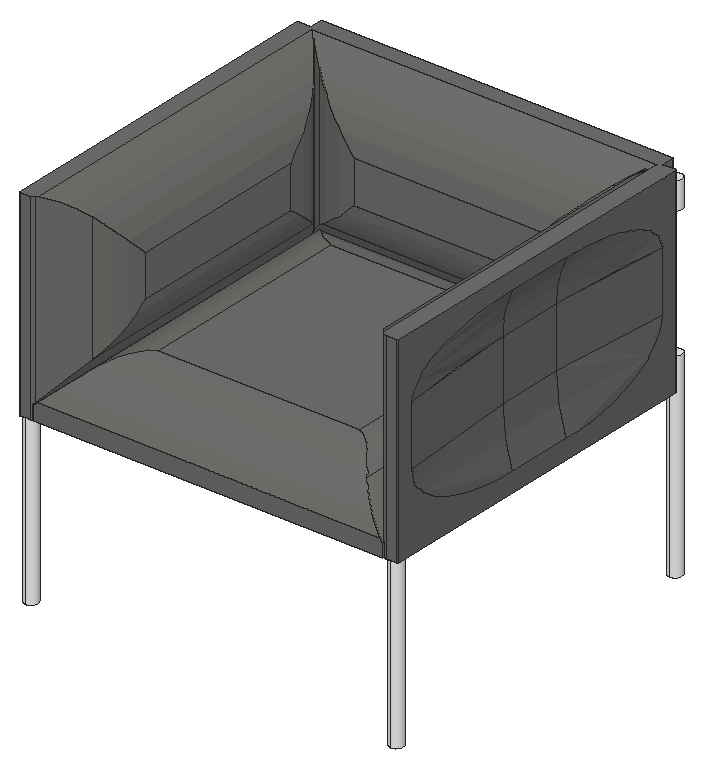
Revit family "Seating-Lounge_Chair-Teknion-BBHC_Hollow-R2011", category Furniture, Revit 2013
Parameters (values of type "28" Wide")
  Width = 2' - 4"
  Warranty = "http://www.teknionstudio.com/pdfs/Teknion%20Studio%20Warranty.pdf"
  Unit Weight = 60.00 lbf
  URL = "http://www.teknionstudio.com"
  Shell Finish [instance] = Plastic - Teknion - 7D - Black
  Series = "B&B Italia"
  Seat Upholstery Finish [instance] = Fabric - Teknion - V311 - Velvet Underground
  Salvage or Reuse = yes
  Product Page URL = "http://www.teknionstudio.com/hollow/#.Ula9vRAQP-o"
  Product Line = "Hollow"
  Product Documentation Link = "http://www.teknionstudio.com/pricing/BBHC_ppg.pdf"
  Percentage of Recycled Content = 0
  Part Number = "BBHC"
  Model = "BBHCC1"
  Manufacturer Phone = "919-464-2920"
  Manufacturer Fax = "919-464-2927"
  Manufacturer Email = "mailto:customersupport@teknionstudio.com"
  Manufacturer Address = "3940 US 70 Business HWY West, Clayton, NC 27520"
  Manufacturer = "Teknion Studio"  # constant formula
  Low Emitting Material = yes
  Low Emitting Finish = yes
  Height = 2' - 3 1/8"  # constant formula
  Frame Finish [instance] = Metal - Teknion - C6 - Chrome
  Description = "Hollow Lounge Chair, 26 3/4\"(68cm) Deep, 28\" (71cm) Wide"
  Depth = 2' - 2 3/4"
  Assembly Code = "E2020200"
Types (3): name | Width | Unit Weight | Model | Description | Depth
  (no name) | 2' - 4" | 60.00 lbf | "BBHCC1" | "Hollow Lounge Chair, 26 3/4\"(68cm) Deep, 28\" (71cm) Wide" | 2' - 2 3/4"
  28" Wide | 2' - 4" | 60.00 lbf | "BBHCC1" | "Hollow Lounge Chair, 26 3/4\"(68cm) Deep, 28\" (71cm) Wide" | 2' - 2 3/4"
  31 1/2" Wide | 2' - 7 1/2" | 67.00 lbf | "BBHCD2" | "Hollow Lounge Chair, 30 3/8\" (77cm) Deep, 31 1/2\" (80cm) Wide" | 2' - 6 3/8"
Reference planes (in)
  plane 1 "Center F/B": y = 0
  plane 2: z = 0
  plane 3 "Left": x = 0
  plane 4 "Right": x = 28
  plane 5 "Back": y = 13.375
  plane 6 "Front": y = -13.375
  plane 7 "Top": z = 27.125
  plane 8: x = 14
  plane 9 "T.O. Seat": z = 16.875
  plane 10: x = 4.52756
  plane 11: x = 23.47244
  plane 12: z = 12.36122
  plane 13: y = 12.39075
  plane 14: x = 0.98425
  plane 15: x = 27.01575
  plane 16: y = 8.84744
  plane 17: x = -1
  plane 18: x = 29
  plane 19: z = 25.7874
  plane 20: z = 22.07483
  plane 21: z = 18.93827
  plane 22: z = 13.77953
  plane 23: y = 11.0128
  plane 24: y = -12.0187
  plane 25: y = -7.41202
  plane 26: y = 6.09154
  plane 27: y = 12.665
  plane 28: x = 0.71
  plane 29: x = 27.29
  plane 30: x = 2.3622
  plane 31: x = 25.6378
Forms (in)
  Sweep 1, solid, material "Fabric - Teknion - V311 - Velvet Underground" <- "Seat Upholstery Finish"
    path origin (27, 0, 16.875) x (-1, 0, 0) y (0, -1, 0)
      loop
        line (13, -13.375) -> (13, 13.375)
    profile origin (14, 0, 16.875) x (1, 0, 0) y (0, 0, 1)
      loop
        line (-12.92569, -3.5162) -> (-12.92569, -4.51378) -> (12.92569, -4.51378) -> (12.92569, -3.5162) -> (10.18628, -1.04963)
        arc (10.18628, -1.04963) -> (8.91636, -0.27142) -> (7.45191, 0) r 4.08646
        line (7.45191, 0) -> (-7.45191, 0)
        arc (-7.45191, 0) -> (-8.91636, -0.27142) -> (-10.18628, -1.04963) r 4.08646
        line (-10.18628, -1.04963) -> (-12.92569, -3.5162)
  Sweep 2, solid, material "Plastic - Teknion - 7D - Black" <- "Shell Finish"
    path origin (0, 13.375, 0) x (-1, 0, 0) y (0, 0, 1)
      loop
        line (-28, 27.125) -> (-28, 12.36122)
    profile origin (28, 13.375, 19.74311) x (0, 1, 0) y (-1, 0, 0)
      loop
        arc (0, 26.91575) -> (-0.02929, 26.98646) -> (-0.1, 27.01575) r 0.1
        line (-0.1, 27.01575) -> (-0.98425, 27.01575) -> (-0.98425, 27.9)
        arc (-0.98425, 27.9) -> (-1.01354, 27.97071) -> (-1.08425, 28) r 0.1
        line (-1.08425, 28) -> (-26.65, 28)
        arc (-26.65, 28) -> (-26.72071, 27.97071) -> (-26.75, 27.9) r 0.1
        line (-26.75, 27.9) -> (-26.75, 27.1517)
        arc (-26.75, 27.1517) -> (-26.72251, 27.00943) -> (-26.644, 26.88765) r 0.38189
        line (-26.644, 26.88765) -> (-23.99434, 24.75026)
        arc (-23.99434, 24.75026) -> (-22.48713, 23.86926) -> (-20.78702, 23.47244) r 5.84782
        line (-20.78702, 23.47244) -> (-7.28346, 23.47244)
        arc (-7.28346, 23.47244) -> (-5.09452, 23.9555) -> (-3.15156, 25.07341) r 7.38029
        line (-3.15156, 25.07341) -> (-1.6864, 26.2451) -> (-2.88945, 24.86115)
        arc (-2.88945, 24.86115) -> (-3.97969, 23.04669) -> (-4.52756, 21.00201) r 7.60496
        line (-4.52756, 21.00201) -> (-4.52756, 6.99799)
        arc (-4.52756, 6.99799) -> (-3.97969, 4.95331) -> (-2.88945, 3.13885) r 7.60496
        line (-2.88945, 3.13885) -> (-1.6864, 1.7549) -> (-3.15156, 2.92659)
        arc (-3.15156, 2.92659) -> (-5.09452, 4.0445) -> (-7.28346, 4.52756) r 7.38029
        line (-7.28346, 4.52756) -> (-20.78702, 4.52756)
        arc (-20.78702, 4.52756) -> (-22.48713, 4.13074) -> (-23.99434, 3.24974) r 5.84782
        line (-23.99434, 3.24974) -> (-26.644, 1.11235)
        arc (-26.644, 1.11235) -> (-26.72251, 0.99057) -> (-26.75, 0.8483) r 0.38189
        line (-26.75, 0.8483) -> (-26.75, 0.1)
        arc (-26.75, 0.1) -> (-26.72071, 0.02929) -> (-26.65, 0) r 0.1
        line (-26.65, 0) -> (-1.08425, 0)
        arc (-1.08425, 0) -> (-1.01354, 0.02929) -> (-0.98425, 0.1) r 0.1
        line (-0.98425, 0.1) -> (-0.98425, 0.98425) -> (-0.1, 0.98425)
        arc (-0.1, 0.98425) -> (-0.02929, 1.01354) -> (0, 1.08425) r 0.1
        line (0, 1.08425) -> (0, 26.91575)
  Sweep 3, void
    path origin (0, 0, 16.875) x (-1, 0, 0) y (0, -1, 0)
      loop
        line (-27.01575, 13.375) -> (-27.01575, -12.39075) -> (-0.98425, -12.39075) -> (-0.98425, 13.375)
    profile origin (14, 12.39075, 16.875) x (0, 1, 0) y (0, 0, 1)
      loop
        line (0.98425, -4.51378) -> (0, -4.51378) -> (0, -3.5162) -> (-2.29621, -0.87472)
        arc (-2.29621, -0.87472) -> (-3.15242, 0.49552) -> (-3.54331, 2.06327) r 5.1643
        line (-3.54331, 2.06327) -> (-3.54331, 5.19983)
        arc (-3.54331, 5.19983) -> (-2.1437, 8.68624) -> (0.98425, 10.76707) r 6.33551
        line (0.98425, 10.76707) -> (0.98425, 12.25) -> (-4.54331, 12.25) -> (-4.54331, -5.51378) -> (0.98425, -5.51378) -> (0.98425, -4.51378)
  Sweep 4, void
    path origin (0, 0, 16.875) x (-1, 0, 0) y (0, -1, 0)
      loop
        line (-28, 0) -> (0, 0)
    profile origin (14, 0, 16.875) x (0, -1, 0) y (0, 0, 1)
      loop
        line (-12.39075, -5.51378) -> (-12.39075, -3.5162) -> (-9.78974, -1.17424)
        arc (-9.78974, -1.17424) -> (-8.376, -0.29402) -> (-6.74536, 0.04432) r 4.75164
        line (-6.74536, 0.04432) -> (-6.74536, 1) -> (-14.375, 1) -> (-14.375, -5.51378) -> (-12.39075, -5.51378)
      loop
        line (14.375, 1) -> (7.79173, 1) -> (7.79173, 0.05413)
        arc (7.79173, 0.05413) -> (11.05927, -0.80884) -> (13.375, -3.27034) r 6.13918
        line (13.375, -3.27034) -> (13.375, -5.51378) -> (14.375, -5.51378) -> (14.375, 1)
  Sweep 5, solid, material "Metal - Teknion - C6 - Chrome" <- "Frame Finish"
    path origin (0, 13.375, 0) x (-1, 0, 0) y (0, 0, 1)
      loop
        line (0, 27.125) -> (0, 0)
    profile origin (0, 13.375, 13.5625) x (0, 1, 0) y (-1, 0, 0)
      loop
        circle (-0.49213, -0.49213) r 0.49213
      loop
        circle (-0.49213, -27.50787) r 0.49213
      loop
        circle (-26.25787, -0.49213) r 0.49213
      loop
        circle (-26.25787, -27.50787) r 0.49213
  Sweep 6, void
    path origin (0, 0, 16.875) x (-1, 0, 0) y (0, -1, 0)
      loop
        line (1, -13.375) -> (-29, -13.375)
    profile origin (14, 13.375, 16.875) x (0, 1, 0) y (0, 0, 1)
      loop
        line (-1.98425, 9.38484) -> (1, 9.38484) -> (1, 11.25) -> (-1.98425, 11.25) -> (-1.98425, 9.38484)
      loop
        line (1, 7.41634) -> (-1.98425, 7.41634) -> (-1.98425, -2.22933) -> (1, -2.22933) -> (1, 7.41634)
      loop
        line (-24.75, -4.51378) -> (-24.75, 11.25) -> (-27.75, 11.25) -> (-27.75, -4.51378) -> (-24.75, -4.51378)
  Sweep 7, void
    path origin (0, 0, 16.875) x (-1, 0, 0) y (0, -1, 0)
      loop
        arc (-0.71, -13.6122) -> (-6.8761, -12.90215) -> (-13.07841, -12.665) r 81.22622
        line (-13.07841, -12.665) -> (-14.92159, -12.665)
        arc (-14.92159, -12.665) -> (-21.1239, -12.90215) -> (-27.29, -13.6122) r 81.22622
    profile origin (14, 12.665, 16.875) x (0, 1, 0) y (0, 0, 1)
      loop
        arc (0, 1.38623) -> (0.1786, -0.88257) -> (0.71, -3.09547) r 14.4998
        line (0.71, -3.09547) -> (1.71, -3.09547) -> (1.71, 8.9124) -> (0.71, 8.9124)
        arc (0.71, 8.9124) -> (0.17882, 6.89961) -> (0, 4.8256) r 12.11692
        line (0, 4.8256) -> (0, 1.38623)
  Sweep 8, void
    path origin (0, 0, 16.875) x (-1, 0, 0) y (0, -1, 0)
      loop
        arc (0.40497, -13.375) -> (-0.43058, -7.78285) -> (-0.71, -2.13553) r 57.2073
        line (-0.71, -2.13553) -> (-0.71, 2.81859)
        arc (-0.71, 2.81859) -> (-0.48043, 8.11665) -> (0.20655, 13.375) r 61.25023
    profile origin (0.71, -0.34153, 16.875) x (1, 0, 0) y (0, 0, 1)
      loop
        line (-0.71, 8.9124) -> (-1.71, 8.9124) -> (-1.71, -3.09547) -> (-0.71, -3.09547)
        arc (-0.71, -3.09547) -> (-0.17871, -0.9871) -> (0, 1.17982) r 13.22691
        line (0, 1.17982) -> (0, 5.61895)
        arc (0, 5.61895) -> (-0.17952, 7.3035) -> (-0.71, 8.9124) r 7.99362
  Sweep 9, void
    path origin (28, 0, 16.875) x (1, 0, 0) y (0, -1, 0)
      loop
        arc (0.40497, -13.375) -> (-0.43058, -7.78285) -> (-0.71, -2.13553) r 57.2073
        line (-0.71, -2.13553) -> (-0.71, 2.81859)
        arc (-0.71, 2.81859) -> (-0.48043, 8.11665) -> (0.20655, 13.375) r 61.25023
    profile origin (27.29, -0.34153, 16.875) x (1, 0, 0) y (0, 0, 1)
      loop
        arc (0.71, 8.9124) -> (0.17952, 7.3035) -> (0, 5.61895) r 7.99362
        line (0, 5.61895) -> (0, 1.17982)
        arc (0, 1.17982) -> (0.17871, -0.9871) -> (0.71, -3.09547) r 13.22691
        line (0.71, -3.09547) -> (1.71, -3.09547) -> (1.71, 8.9124) -> (0.71, 8.9124)
Cuts and joins
  Sweep 3, Sweep 7, Sweep 8, Sweep 9 cuts Sweep 2
  Sweep 4 cuts Sweep 1
  Sweep 6, Sweep 7, Sweep 8, Sweep 9 cuts Sweep 5
Lines and regions (in)
  Masking region 1
    outline origin (0, 0, 16.875) x (-1, 0, 0) y (0, -1, 0)
      loop
        line (-0.98425, -13.375) -> (0, -13.375) -> (0, -12.39075) -> (0, 13.375) -> (-28, 13.375) -> (-28, -12.39075) -> (-28, -13.375) -> (-27.01575, -13.375) -> (-0.98425, -13.375)
  symbolic lines
    curve 1: line (4.52756, -7.41202, 16.875) -> (4.52756, 6.09154, 16.875)
    curve 2: line (23.47244, -7.41202, 16.875) -> (23.47244, 6.09154, 16.875)
    curve 3: line (6.99799, 8.84744, 16.875) -> (21.00201, 8.84744, 16.875)
    curve 4: arc (3.13885, 10.48555, 16.875) -> (4.95331, 9.39531, 16.875) -> (6.99799, 8.84744, 16.875) r 7.60496
    curve 5: arc (4.52756, 6.09154, 16.875) -> (4.0445, 8.28048, 16.875) -> (2.92659, 10.22344, 16.875) r 7.38029
    curve 6: line (1.7549, 11.6886, 16.875) -> (3.13885, 10.48555, 16.875)
    curve 7: arc (21.00201, 8.84744, 16.875) -> (23.04669, 9.39531, 16.875) -> (24.86115, 10.48555, 16.875) r 7.60496
    curve 8: line (24.86115, 10.48555, 16.875) -> (26.2451, 11.6886, 16.875)
    curve 9: line (26.2451, 11.6886, 16.875) -> (25.07341, 10.22344, 16.875)
    curve 10: arc (25.07341, 10.22344, 16.875) -> (23.9555, 8.28048, 16.875) -> (23.47244, 6.09154, 16.875) r 7.38029
    curve 11: line (24.75026, -10.61934, 16.875) -> (26.88765, -13.269, 16.875)
    curve 12: arc (23.47244, -7.41202, 16.875) -> (23.86926, -9.11213, 16.875) -> (24.75026, -10.61934, 16.875) r 5.84782
    curve 13: arc (3.24974, -10.61934, 16.875) -> (4.13074, -9.11213, 16.875) -> (4.52756, -7.41202, 16.875) r 5.84782
    curve 14: line (1.11235, -13.269, 16.875) -> (3.24974, -10.61934, 16.875)
    curve 15: line (2.92659, 10.22344, 16.875) -> (1.7549, 11.6886, 16.875)
    curve 29: arc (0.8483, -13.375, 16.875) -> (0.99057, -13.34751, 16.875) -> (1.11235, -13.269, 16.875) r 0.38189
    curve 30: arc (26.88765, -13.269, 16.875) -> (27.00943, -13.34751, 16.875) -> (27.1517, -13.375, 16.875) r 0.38189
  symbolic lines, detail levels fine
    curve 16: arc (0.49213, 13.375, 16.875) -> (0, 12.88287, 16.875) -> (0.49213, 12.39075, 16.875) r 0.49213
    curve 17: arc (0.49213, 12.39075, 16.875) -> (0.98425, 12.88287, 16.875) -> (0.49213, 13.375, 16.875) r 0.49213
    curve 18: line (0.98425, 13.275, 16.875) -> (0.98425, 12.39075, 16.875)
    curve 19: arc (1.08425, 13.375, 16.875) -> (1.01354, 13.34571, 16.875) -> (0.98425, 13.275, 16.875) r 0.1
    curve 20: arc (0.1, 12.39075, 16.875) -> (0.02929, 12.36146, 16.875) -> (0, 12.29075, 16.875) r 0.1
    curve 21: line (0.1, 12.39075, 16.875) -> (0.98425, 12.39075, 16.875)
    curve 22: arc (28, 12.29075, 16.875) -> (27.97071, 12.36146, 16.875) -> (27.9, 12.39075, 16.875) r 0.1
    curve 23: arc (27.01575, 13.275, 16.875) -> (26.98646, 13.34571, 16.875) -> (26.91575, 13.375, 16.875) r 0.1
    curve 24: line (27.01575, 12.39075, 16.875) -> (27.01575, 13.275, 16.875)
    curve 25: arc (27.50787, 13.375, 16.875) -> (27.01575, 12.88287, 16.875) -> (27.50787, 12.39075, 16.875) r 0.49213
    curve 26: arc (27.50787, 12.39075, 16.875) -> (28, 12.88287, 16.875) -> (27.50787, 13.375, 16.875) r 0.49213
    curve 28: line (27.01575, 12.39075, 16.875) -> (27.9, 12.39075, 16.875)
    curve 31: line (6.54809, 7.27157, 16.875) -> (3.75115, 9.71391, 16.875)
    curve 32: line (21.45191, 7.27157, 16.875) -> (6.54809, 7.27157, 16.875)
    curve 33: line (24.32468, 9.78974, 16.875) -> (21.45191, 7.27157, 16.875)
    curve 34: line (3.75115, 9.71391, 16.875) -> (1.07431, 12.39075, 16.875)
    curve 35: line (26.92569, 12.39075, 16.875) -> (24.32468, 9.78974, 16.875)
  symbolic lines, detail levels medium+fine
    curve 27: line (6.54809, -8.74161, 16.875) -> (21.62974, -8.74161, 16.875)
    curve 36: line (3.82238, -11.42376, 16.875) -> (6.54809, -8.74161, 16.875)
    curve 37: spline (1.34699, -13.37346, 16.875) -> (1.57465, -13.26765, 16.875) -> (1.79935, -13.15093, 16.875) -> (2.0208, -13.02347, 16.875) -> (2.23871, -12.88541, 16.875) -> (2.45281, -12.73694, 16.875) -> (2.66283, -12.57825, 16.875) -> (2.86848, -12.40955, 16.875) -> (3.06952, -12.23104, 16.875) -> (3.26567, -12.04296, 16.875) -> (3.4567, -11.84555, 16.875) -> (3.64235, -11.63906, 16.875) -> (3.82238, -11.42376, 16.875)
    curve 38: line (21.45191, -8.74161, 16.875) -> (24.17762, -11.42376, 16.875)
    curve 39: spline (24.17762, -11.42376, 16.875) -> (24.35765, -11.63906, 16.875) -> (24.5433, -11.84555, 16.875) -> (24.73433, -12.04296, 16.875) -> (24.93048, -12.23104, 16.875) -> (25.13152, -12.40955, 16.875) -> (25.33717, -12.57825, 16.875) -> (25.54719, -12.73694, 16.875) -> (25.76129, -12.88541, 16.875) -> (25.9792, -13.02347, 16.875) -> (26.20065, -13.15093, 16.875) -> (26.42535, -13.26765, 16.875) -> (26.65301, -13.37346, 16.875)
Dimensions and locks (in)
  "Height": plane 7 "Top" to level
  "Width": plane 3 "Left" to plane 4 "Right"
  equal spacing: plane 5 "Back", plane 1 "Center F/B", plane 6 "Front"
  "Depth": plane 5 "Back" to plane 6 "Front"
  equal spacing: plane 3 "Left", plane 8, plane 4 "Right"
  locked: plane 9 "T.O. Seat" to plane 2 at 16.875
  locked: plane 3 "Left" to plane 10 at 4.52756
  locked: plane 4 "Right" to plane 11 at 4.52756
  locked: plane 9 "T.O. Seat" to plane 12 at 4.51378
  locked: Sweep 1 sketch curve to plane 3 "Left" at 1.07431
  locked: plane 4 "Right" to Sweep 1 sketch curve at 1.07431
  plane 3 "Left" to plane 14 = 0' - 0.98425"
  locked: plane 5 "Back" to plane 13 at 0.98425
  locked: plane 15 to plane 4 "Right" at 0.98425
  locked: plane 5 "Back" to plane 16 at 4.52756
  locked: plane 16 to Sweep 3 sketch curve at 1
  locked: plane 7 "Top" to Sweep 3 sketch curve at 2
  locked: plane 12 to Sweep 3 sketch curve at 1
  locked: plane 12 to Sweep 4 sketch curve at 1
  locked: Sweep 4 sketch curve to plane 9 "T.O. Seat" at 1
  locked: plane 9 "T.O. Seat" to Sweep 4 sketch curve at 1
  locked: plane 3 "Left" to Sweep 5 sketch curve at 0.49213  (x2)
  locked: Sweep 5 sketch curve to plane 4 "Right" at 0.49213  (x2)
  locked: plane 6 "Front" to Sweep 5 sketch curve at 0.49213  (x2)
  locked: plane 5 "Back" to Sweep 5 sketch curve at 0.49213  (x2)
  locked: plane 13 to Sweep 6 sketch curve at 1  (x2)
  locked: Sweep 6 sketch curve to plane 5 "Back" at 1  (x2)
  locked: plane 12 to Sweep 6 sketch curve at 2.28445
  Sweep 6 sketch curve to plane 6 "Front" to Sweep 6 sketch curve = 0' - 2" locked, 0' - 1" locked
  locked: plane 7 "Top" to Sweep 6 sketch curve at 0.86516
  locked: plane 4 "Right" to plane 18 at 1
  locked: plane 17 to plane 3 "Left" at 1
  plane 19 to plane 20 to plane 21 to plane 22 = 0' - 3.71257" locked, 0' - 3.13656" locked, 0' - 5.15874" locked
  locked: plane 7 "Top" to plane 19 at 1.3376
  plane 25 to plane 24 to plane 6 "Front" = 0' - 4.60668" locked, 0' - 1.3563" locked
  plane 5 "Back" to plane 23 to plane 26 = 0' - 2.3622" locked, 0' - 4.92126" locked
  locked: plane 5 "Back" to plane 27 at 0.71
  locked: plane 28 to plane 3 "Left" at 0.71
  locked: plane 29 to plane 4 "Right" at 0.71
  locked: plane 3 "Left" to plane 30 at 2.3622
  locked: plane 31 to plane 4 "Right" at 2.3622
  locked: plane 3 "Left" to Sweep 7 sketch curve at 13.07841
  locked: Sweep 7 sketch curve to plane 4 "Right" at 13.07841
  locked: Sweep 7 sketch curve to plane 5 "Back" at 80.51622
  locked: Sweep 9 sketch curve to plane 4 "Right" at 1
  locked: plane 6 "Front" to Sweep 9 sketch curve at 10.55641
  locked: plane 5 "Back" to Sweep 9 sketch curve at 11.23947
  locked: plane 4 "Right" to Sweep 9 sketch curve at 56.4973
  locked: plane 4 "Right" to Sweep 9 sketch curve at 60.54023
  locked: plane 6 "Front" to Sweep 8 sketch curve at 10.55641
  locked: plane 5 "Back" to Sweep 8 sketch curve at 11.23947
  locked: Sweep 8 sketch curve to plane 3 "Left" at 56.4973
  locked: Sweep 8 sketch curve to plane 3 "Left" at 60.54023
  Sweep 4 sketch curve to plane 6 "Front" = 0' - 5.45658"
  locked: plane 5 "Back" to Sweep 4 sketch curve at 6.76473
  locked: plane 9 "T.O. Seat" to Sweep 4 sketch curve at 4.7054
  locked: plane 9 "T.O. Seat" to Sweep 4 sketch curve at 6.08373
  radius of Sweep 9 sketch curve = 4' - 9.2073"
  radius of Sweep 9 sketch curve = 5' - 1.25023"
  radius of Sweep 4 sketch curve = 0' - 6.13918"
  radius of Sweep 4 sketch curve = 0' - 4.75164"
  aligned and locked: level to plane 2
  aligned and locked: Sweep 1 sketch curve to plane 8
  aligned and locked: plane 6 "Front" to Sweep 1 sketch curve
  aligned and locked: plane 5 "Back" to Sweep 1 sketch curve
  aligned and locked: plane 12 to Sweep 2 sketch curve
  aligned and locked: plane 7 "Top" to Sweep 2 sketch curve
  aligned and locked: plane 5 "Back" to Sweep 2 sketch curve
  aligned: plane 3 "Left" to Sweep 2 sketch curve
  aligned and locked: plane 13 to Sweep 2 sketch curve
  aligned: plane 14 to Sweep 2 sketch curve
  aligned: plane 10 to Sweep 2 sketch curve
  aligned and locked: plane 6 "Front" to Sweep 2 sketch curve
  aligned and locked: Sweep 3 sketch curve to plane 14
  aligned and locked: Sweep 3 sketch curve to plane 13
  aligned and locked: plane 15 to Sweep 3 sketch curve
  aligned and locked: plane 6 "Front" to Sweep 3 sketch curve  (x2)
  aligned and locked: plane 12 to Sweep 3 sketch curve
  aligned and locked: plane 5 "Back" to Sweep 3 sketch curve
  aligned and locked: plane 16 to Sweep 2 sketch curve
  aligned and locked: plane 16 to Sweep 3 sketch curve
  aligned and locked: plane 13 to Sweep 3 sketch curve
  aligned and locked: Sweep 4 sketch curve to plane 1 "Center F/B"
  aligned and locked: plane 3 "Left" to Sweep 4 sketch curve
  aligned and locked: plane 4 "Right" to Sweep 4 sketch curve
  aligned and locked: Sweep 4 sketch curve to plane 13
  aligned and locked: Sweep 4 sketch curve to plane 6 "Front"
  aligned and locked: plane 4 "Right" to Sweep 2 sketch curve
  aligned and locked: Sweep 2 sketch curve to plane 3 "Left"
  aligned and locked: Sweep 2 sketch curve to plane 14
  aligned and locked: Sweep 2 sketch curve to plane 13
  aligned and locked: Sweep 2 sketch curve to plane 4 "Right"
  aligned and locked: plane 11 to Sweep 2 sketch curve
  aligned and locked: Sweep 2 sketch curve to plane 10
  aligned and locked: plane 3 "Left" to Sweep 5 sketch curve
  aligned and locked: plane 2 to Sweep 5 sketch curve
  aligned and locked: plane 7 "Top" to Sweep 5 sketch curve
  aligned and locked: Sweep 6 sketch curve to plane 5 "Back"
  aligned and locked: plane 12 to Sweep 6 sketch curve
  aligned and locked: plane 17 to Sweep 6 sketch curve
  aligned and locked: plane 18 to Sweep 6 sketch curve
  aligned and locked: Sweep 7 sketch curve to plane 27
  aligned and locked: plane 27 to Sweep 7 sketch curve
  aligned and locked: plane 19 to Sweep 7 sketch curve
  aligned and locked: plane 22 to Sweep 7 sketch curve
  aligned and locked: plane 28 to Sweep 7 sketch curve
  aligned and locked: plane 29 to Sweep 7 sketch curve
  aligned and locked: Sweep 8 sketch curve to plane 28  (x2)
  aligned and locked: plane 6 "Front" to Sweep 8 sketch curve
  aligned and locked: plane 5 "Back" to Sweep 8 sketch curve
  aligned and locked: Sweep 8 sketch curve to plane 22
  aligned and locked: Sweep 8 sketch curve to plane 19
  aligned and locked: plane 29 to Sweep 9 sketch curve
  aligned and locked: plane 19 to Sweep 9 sketch curve
  aligned and locked: plane 22 to Sweep 9 sketch curve
  aligned and locked: Sweep 2 sketch curve to plane 6 "Front"
  aligned and locked: plane 25 to Sweep 2 sketch curve  (x2)
  aligned and locked: Masking region 1 sketch curve to plane 5 "Back"  (x2)
  aligned and locked: Masking region 1 sketch curve to plane 3 "Left"  (x2)
  aligned and locked: Masking region 1 sketch curve to plane 4 "Right"  (x2)
  aligned and locked: Masking region 1 sketch curve to plane 6 "Front"
  aligned and locked: plane 13 to Masking region 1 sketch curve
  aligned and locked: plane 14 to Masking region 1 sketch curve
  aligned and locked: plane 5 "Back" to Masking region 1 sketch curve
  aligned and locked: curve 1 to plane 10
  aligned and locked: plane 11 to curve 2
  aligned and locked: curve 3 to plane 16
  aligned and locked: curve 4 to cut or joined group of Sweep 2, Sweep 3, Sweep 7, Sweep 8, Sweep 9
  aligned and locked: curve 5 to cut or joined group of Sweep 2, Sweep 3, Sweep 7, Sweep 8, Sweep 9
  aligned and locked: curve 6 to cut or joined group of Sweep 2, Sweep 3, Sweep 7, Sweep 8, Sweep 9
  aligned and locked: curve 7 to cut or joined group of Sweep 2, Sweep 3, Sweep 7, Sweep 8, Sweep 9
  aligned and locked: curve 8 to cut or joined group of Sweep 2, Sweep 3, Sweep 7, Sweep 8, Sweep 9
  aligned and locked: curve 9 to cut or joined group of Sweep 2, Sweep 3, Sweep 7, Sweep 8, Sweep 9
  aligned and locked: curve 10 to cut or joined group of Sweep 2, Sweep 3, Sweep 7, Sweep 8, Sweep 9
  aligned and locked: curve 12 to cut or joined group of Sweep 2, Sweep 3, Sweep 7, Sweep 8, Sweep 9
  aligned and locked: curve 13 to cut or joined group of Sweep 2, Sweep 3, Sweep 7, Sweep 8, Sweep 9
  aligned and locked: curve 14 to cut or joined group of Sweep 2, Sweep 3, Sweep 7, Sweep 8, Sweep 9
  aligned and locked: curve 16 to cut or joined group of Sweep 5, Sweep 6, Sweep 7, Sweep 8, Sweep 9
  aligned and locked: curve 17 to cut or joined group of Sweep 5, Sweep 6, Sweep 7, Sweep 8, Sweep 9
  aligned and locked: curve 19 to cut or joined group of Sweep 2, Sweep 3, Sweep 7, Sweep 8, Sweep 9
  aligned and locked: curve 20 to cut or joined group of Sweep 2, Sweep 3, Sweep 7, Sweep 8, Sweep 9
  aligned and locked: curve 22 to cut or joined group of Sweep 2, Sweep 3, Sweep 7, Sweep 8, Sweep 9
  aligned and locked: curve 23 to cut or joined group of Sweep 2, Sweep 3, Sweep 7, Sweep 8, Sweep 9
  aligned and locked: curve 24 to cut or joined group of Sweep 2, Sweep 3, Sweep 7, Sweep 8, Sweep 9
  aligned and locked: curve 25 to cut or joined group of Sweep 5, Sweep 6, Sweep 7, Sweep 8, Sweep 9
  aligned and locked: curve 26 to cut or joined group of Sweep 5, Sweep 6, Sweep 7, Sweep 8, Sweep 9
  aligned and locked: curve 29 to cut or joined group of Sweep 2, Sweep 3, Sweep 7, Sweep 8, Sweep 9
  aligned and locked: curve 30 to cut or joined group of Sweep 2, Sweep 3, Sweep 7, Sweep 8, Sweep 9
  aligned and locked: curve 32 to cut or joined group of Sweep 1, Sweep 4
  aligned and locked: curve 34 to cut or joined group of Sweep 1, Sweep 4
  aligned and locked: curve 35 to cut or joined group of Sweep 1, Sweep 4
  aligned and locked: curve 27 to cut or joined group of Sweep 1, Sweep 4
Automatic sketch dimensions
  Sweep 1 sketch curve to plane 9 "T.O. Seat" = 0' - 0"
  Sweep 1 sketch curve to plane 9 "T.O. Seat" = 0' - 1.04963"  (x2)
  Sweep 1 sketch curve to Sweep 1 sketch curve = 0' - 2.7394"
  Sweep 1 sketch curve to Sweep 1 sketch curve = 0' - 2 47/64"  (x2)
  Sweep 1 sketch curve to Sweep 1 sketch curve = 0' - 5.47378"
  Sweep 1 sketch curve to Sweep 1 sketch curve = 0' - 3.46415"
  Sweep 1 sketch curve to Sweep 1 sketch curve = 0' - 0.99758"  (x2)
  profile plane to Sweep 8 sketch curve = 0' - 0.71"  (x2)
  Sweep 8 sketch curve to Sweep 8 sketch curve = 0' - 1"
  plane 9 "T.O. Seat" to Sweep 8 sketch curve = 0' - 5.61895"
  plane 9 "T.O. Seat" to Sweep 8 sketch curve = 0' - 1.17982"
  Sweep 2 sketch curve to Sweep 2 sketch curve = 0' - 0.1"  (x4)
  Sweep 2 sketch curve to Sweep 2 sketch curve = 0' - 0.106"  (x2)
  Sweep 2 sketch curve to Sweep 2 sketch curve = 0' - 0.27589"
  Sweep 2 sketch curve to Sweep 2 sketch curve = 0' - 0.38189"
  Sweep 2 sketch curve to Sweep 2 sketch curve = 0' - 2.37377"  (x2)
  Sweep 2 sketch curve to Sweep 2 sketch curve = 0' - 0.46425"  (x2)
  profile plane to Sweep 2 sketch curve = 0' - 1.3018"
  profile plane to Sweep 2 sketch curve = 0' - 2.83727"
  Sweep 2 sketch curve to Sweep 2 sketch curve = 0' - 6.77671"  (x2)
  Sweep 2 sketch curve to Sweep 2 sketch curve = 0' - 2.75591"  (x2)
  Sweep 2 sketch curve to Sweep 2 sketch curve = 0' - 2.16731"
  Sweep 2 sketch curve to profile plane = 0' - 2.92659"
  Sweep 2 sketch curve to Sweep 2 sketch curve = 0' - 0.26211"  (x2)
  Sweep 2 sketch curve to Sweep 2 sketch curve = 0' - 0.70215"  (x2)
  Sweep 2 sketch curve to plane 5 "Back" = 0' - 0.1"  (x2)
  plane 5 "Back" to Sweep 2 sketch curve = 0' - 3.02071"  (x2)
  Sweep 2 sketch curve to Sweep 2 sketch curve = 0' - 0.7483"
  Sweep 2 sketch curve to profile plane = 0' - 0.98425"
  Sweep 2 sketch curve to Sweep 2 sketch curve = 0' - 0.77065"  (x2)
  Sweep 2 sketch curve to Sweep 2 sketch curve = 0' - 0.21225"  (x2)
  Sweep 2 sketch curve to Sweep 2 sketch curve = 0' - 2.47043"  (x2)
  Sweep 2 sketch curve to Sweep 2 sketch curve = 0' - 6.84055"
  Sweep 2 sketch curve to Sweep 2 sketch curve = 0' - 1.27782"
  Sweep 2 sketch curve to Sweep 2 sketch curve = 0' - 1.01235"
  Sweep 3 sketch curve to plane 9 "T.O. Seat" = 0' - 0.87472"
  profile plane to Sweep 3 sketch curve = 0' - 2.29621"
  Sweep 3 sketch curve to profile plane = 0' - 0.98425"
  Sweep 3 sketch curve to profile plane = 0' - 1.60134"
  Sweep 3 sketch curve to Sweep 3 sketch curve = 0' - 1.17023"
  Sweep 3 sketch curve to Sweep 3 sketch curve = 0' - 0.99758"
  plane 9 "T.O. Seat" to Sweep 3 sketch curve = 0' - 2.06327"
  Sweep 3 sketch curve to Sweep 3 sketch curve = 0' - 2.17553"
  Sweep 3 sketch curve to Sweep 3 sketch curve = 0' - 3.13656"
  Sweep 6 sketch curve to plane 5 "Back" = 0' - 0"
  Sweep 6 sketch curve to Sweep 6 sketch curve = 0' - 1.9685"
  plane 9 "T.O. Seat" to Sweep 6 sketch curve = 0' - 11 1/4"
  Sweep 6 sketch curve to Sweep 6 sketch curve = 0' - 1.86516"
  Sweep 7 sketch curve to Sweep 7 sketch curve = 0' - 0"
  Sweep 7 sketch curve to profile plane = 0' - 0.71"  (x2)
  Sweep 7 sketch curve to Sweep 7 sketch curve = 0' - 1"
  plane 9 "T.O. Seat" to Sweep 7 sketch curve = 0' - 4.8256"
  plane 9 "T.O. Seat" to Sweep 7 sketch curve = 0' - 1.38623"
  plane 6 "Front" to Sweep 9 sketch curve = 0' - 0"
  Sweep 9 sketch curve to plane 5 "Back" = 0' - 0"
  Sweep 9 sketch curve to profile plane = 0' - 0.71"  (x2)
  plane 9 "T.O. Seat" to Sweep 9 sketch curve = 0' - 5.61895"
  plane 9 "T.O. Seat" to Sweep 9 sketch curve = 0' - 1.17982"
  Sweep 4 sketch curve to Sweep 4 sketch curve = 0' - 1.98425"
  Sweep 4 sketch curve to plane 9 "T.O. Seat" = 0' - 1.17424"
  plane 9 "T.O. Seat" to Sweep 4 sketch curve = 0' - 0.04432"
  Sweep 4 sketch curve to Sweep 4 sketch curve = 0' - 5.58327"
  Sweep 4 sketch curve to Sweep 4 sketch curve = 0' - 1"
  Sweep 4 sketch curve to Sweep 4 sketch curve = 0' - 4.33954"
  Sweep 4 sketch curve to Sweep 4 sketch curve = 0' - 1.99758"
  curve 35 to plane 13 = 0' - 0"
  curve 34 to plane 13 = 0' - 0"
  plane 6 "Front" to curve 39 = 0' - 0.4428"
  plane 4 "Right" to curve 39 = 0' - 0.73446"
  curve 11 to plane 6 "Front" = 0' - 0.106"
  curve 39 to plane 6 "Front" = 0' - 0.00154"
  curve 11 to curve 39 = 0' - 0.23464"
  curve 10 to curve 7 = 0' - 0.21225"
  curve 11 to plane 31 = 0' - 0.88754"
  plane 11 to curve 33 = 0' - 0.85224"
  plane 24 to curve 39 = 0' - 0.59494"
  curve 11 to curve 39 = 0' - 0.57264"
  curve 27 to plane 11 = 0' - 1.84271"
  curve 33 to curve 3 = 0' - 0.4499"
  curve 27 to curve 38 = 0' - 0.17783"
  curve 4 to curve 31 = 0' - 0.4499"
  curve 27 to plane 10 = 0' - 2.02053"
  plane 10 to curve 36 = 0' - 0.70518"
  plane 10 to curve 31 = 0' - 0.77641"
  curve 14 to plane 30 = 0' - 0.88754"
  curve 6 to curve 5 = 0' - 0.21225"
  plane 30 to curve 6 = 0' - 0.6073"
  curve 37 to plane 6 "Front" = 0' - 0.00154"
  curve 37 to curve 29 = 0' - 0.23464"
  curve 37 to plane 3 "Left" = 0' - 0.73446"
  curve 37 to curve 13 = 0' - 2 23/128"
  plane 24 to curve 37 = 0' - 0.59494"
  Masking region 1 sketch curve to plane 15 = 0' - 0"
  Masking region 1 sketch curve to plane 13 = 0' - 0"
  radius of Sweep 5 sketch curve = 0' - 0.49213"  (x4)
